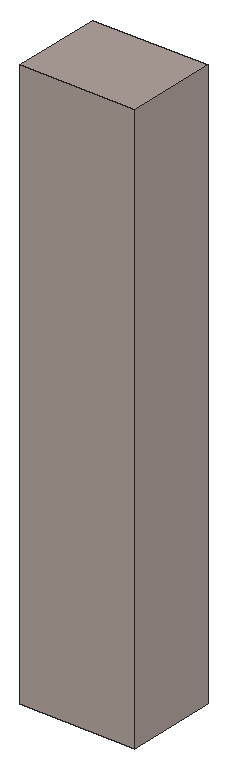
Revit family "ColumnBH", category 结构柱, Revit 2018
Family settings
  显示在隐藏视图中 = 被其他构件隐藏的边缘
  横断面形状 = 未定义
  用于模型行为的材质 = 混凝土
  始终导出为几何图形 = 否
  平面中的梁缩进 = 从边界框
  加载时剪切的空心 = 否
  符号表示法 = 从族
  共享 = 否
  在平面视图中显示族的预剪切 = 是
Parameters (values of type "KZ1")
  h [instance] = 400 mm
  混凝土强度等级 [instance] = "C30"
  b [instance] = 500 mm
  公司名称 = ""
  Structural Material [instance] = 混凝土 - 现场浇注混凝土
Types (8, lengths in mm): name | h | 混凝土强度等级 | b | 公司名称
  KZ1 | 400 | "C30" | 500 | ""
  KZ2 | 1500 | "" | 1100 | "设计中心_xml"
  TZ1 | 1500 | "" | 1100 | "设计中心_xml"
  GZ1 | 600 | "" | 600 | "设计中心_xml"
  KZ1A | 400 | "C30" | 500 | ""
  KZ6e | 400 | "C30" | 500 | ""
  KZ1c | 400 | "C30" | 500 | ""
  NoType | 400 | "C30" | 500 | ""
Reference planes
  plane 1: z = 0
  plane 2: x = -250
  plane 3: x = 250
  plane 4: y = 200
  plane 5: y = -200
  plane 6: x = 0
  plane 7: y = 0
Forms (mm)
  Extrusion 1, solid, material "混凝土 - 现场浇注混凝土" <- "Structural Material"
    sketch origin (0, 0, 0) x (1, 0, 0) y (0, 1, 0)
      loop
        line (-250, 200) -> (-250, -200) -> (250, -200) -> (250, 200) -> (-250, 200)
    from 0 to 2500
Dimensions and locks
  plane 2 to plane 3 = 500 mm
  plane 5 to plane 4 = 400 mm
  "h": plane 5 to plane 4
  "b": plane 2 to plane 3
  equal spacing: plane 2, plane 6, plane 3
  equal spacing: plane 4, plane 7, plane 5
  aligned and locked: Extrusion 1 sketch curve to plane 4
  aligned and locked: Extrusion 1 sketch curve to plane 5
  aligned and locked: Extrusion 1 sketch curve to plane 2
  aligned and locked: plane 3 to Extrusion 1 sketch curve
  aligned and locked: level to Extrusion 1
  aligned and locked: level to plane 1
  aligned and locked: Extrusion 1 to plane 1
